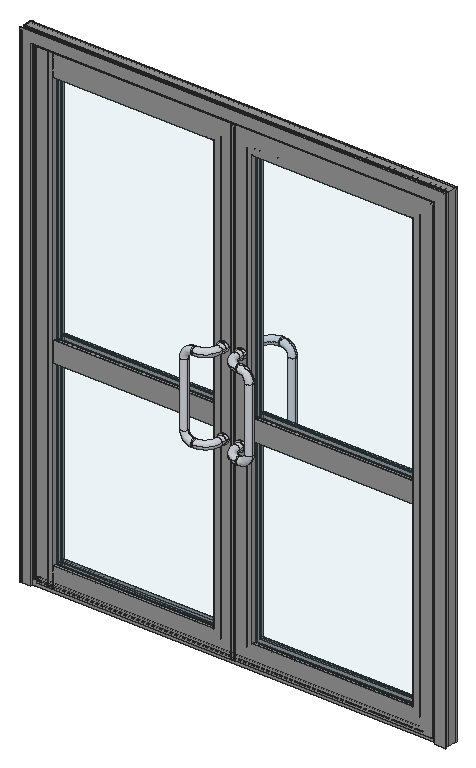
Revit family "Дверь внутреннего открывания двустворчатая (створка по периметру)", category Двери, Revit 2019
Family settings
  Основа = Стена
  Номер OmniClass = 23.30.20.17.11
  Заголовок OmniClass = Fixed Windows
  Всегда вертикально = Да
  При загрузке вырезать с полостями = Нет
  Общий = Нет
  Точка расчета площади = Нет
Parameters (values of type "V60 Дверь двустворчатая")
  Width [instance] = 0.00 mm  # constant formula
  Монтажный зазор.Верх [instance] = 25.00 mm
  VIDNAL_Ширина створки прав. [instance] = 858.50 mm
  VIDNAL_Ширина створки лев. [instance] = ADSK_Ширина рамы - VIDNAL_Ширина створки прав. - 83.00 mm  # 858.50 mm
  VIDNAL_Ширина проема [instance] = ADSK_Ширина рамы + Монтажный зазор.Правый + Монтажный зазор.Левый  # 1850.00 mm
  VIDNAL_Цвет конструкции = ""
  VIDNAL_Фурнитура [instance] = "САТУРН"
  VIDNAL_Формула стеклопакета [instance] = ""
  VIDNAL_Толщина стеклопакета [instance] = "32"
  VIDNAL_Сопротивление ветровой нагрузке = "1000 Па"
  VIDNAL_Система профилей [instance] = "V60"  # constant formula
  VIDNAL_Площадь изделия [instance] = ADSK_Ширина рамы * ADSK_Высота рамы  # 3.78 m²
  VIDNAL_Звукоизоляция [instance] = "34 дБА"
  VIDNAL_Глубина вставки [instance] = 150.00 mm
  VIDNAL_Высота ручки = 1000.00 mm
  VIDNAL_Высота проема [instance] = ADSK_Высота рамы + Монтажный зазор.Верх  # 2125.00 mm
  Глубина профиля [instance] = 60.00 mm  # constant formula
  Rough Width = 0.00 mm  # constant formula
  Rough Height = 0.00 mm  # constant formula
  Описание = "Окно"
  Обозначение = "ГОСТ 23747-2015"
  Наименование = ""
  Монтажный зазор.Правый [instance] = 25.00 mm
  Монтажный зазор.Левый [instance] = 25.00 mm
  Марка проема [instance] = ""
  Model = ""
  Стекло = АС_Стекло
  Рама = Алюминий
  Type Comments = ""
  Assembly Code = ""
  Wall Closure = (empty or 0)
  Height [instance] = 0.00 mm  # constant formula
  Аналитическая конструкция = "<Нет>"
  VIDNAL_Возухопроницаемость [instance] = "3,09 м²·ч"
  VIDNAL_Водонепроницаемость [instance] = "600"
  VIDNAL_Rприв. профиля со стеклопакетом [instance] = "0.52 (м²·С)/Вт"
  ADSK_Ширина рамы [instance] = 1800.00 mm
  ADSK_Позиция [instance] = ""
  ADSK_Завод-изготовитель [instance] = "VIDNAL"  # constant formula
  ADSK_Высота рамы [instance] = 2100.00 mm
Reference planes
  plane 1 "Глубина профиля": y = -100
  plane 2: z = 0
  plane 3 "Слева": x = -922.6
  plane 4 "Справа": x = 927.4
  plane 5 "низ створки": z = 20
  plane 6 "ВЕРХ": z = 2125
  plane 7 "Внутренняя": y = -190
  plane 8 "Вставка двери": y = -40
  plane 9 "рама лев": x = -897.6
  plane 10 "рама прав": x = 902.4
  plane 11 "рама верх": z = 2100
  plane 12: y = 190
  plane 13 "верх створки": z = 2050
  plane 14 "низ порога": z = 4.5
  plane 15 "створка лев": x = -847.6
  plane 16 "створка прав": x = 852.4
  plane 17 "створка прав2": x = -6.1
  plane 18 "створка лев2": x = 10.9
Forms (mm)
  Extrusion 1, void, detail levels medium+fine
    sketch origin (0, 38, 0) x (0, 0, 1) y (-1, 0, 0)
      loop
        line (2125, -927.4) -> (2125, 922.6) -> (0, 922.6) -> (0, -927.4) -> (2125, -927.4)
    from -152 to 228
  Sweep 2, solid, material "Алюминий" <- "Рама"
    path origin (0, -40, 0) x (0, 0, -1) y (-1, 0, 0)
      loop
        line (0, 897.6) -> (-2100, 897.6) -> (-2100, -902.4) -> (0, -902.4)
    profile "Профиль дверной рамы внутр : Профиль дверной рамы внутр" origin (-897.6, -40, 1050) x (1, 0, 0) y (0, 1, 0)
      loop
        line (2, -29.75) -> (2, -38.25) -> (6.75, -38.25) -> (6.75, -50) -> (8.75, -50) -> (8.75, -51.75) -> (6.75, -51.75) -> (6.75, -58.25) -> (43.25, -58.25) -> (43.25, -51.75) -> (41.25, -51.75) -> (41.25, -50) -> (49.75, -50) -> (49.75, -29.75) -> (2, -29.75)
      loop
        line (1.874, -10) -> (1.874, -28) -> (50.126, -28) -> (50.126, -10) -> (1.874, -10)
      loop
        line (6.75, -8.25) -> (43.25, -8.25) -> (43.25, -6.55) -> (45, -6.55) -> (45, -8.25) -> (50.25, -8.25) -> (50.25, -1.75) -> (45, -1.75) -> (45, -3.45) -> (43.25, -3.45) -> (43.25, -1.75) -> (6.75, -1.75) -> (6.75, -8.25)
      loop
        line (67, 0) -> (0, 0) -> (0, -2.5) -> (1.5, -2.5) -> (1.5, -1.5) -> (5, -1.5) -> (5, -8.5) -> (1.5, -8.5) -> (1.5, -7.5) -> (0, -7.5) -> (0, -41.495) -> (2, -41.495) -> (2, -40) -> (5, -40) -> (5, -58.25) -> (2, -58.25) -> (2, -56.495) -> (0, -56.495) -> (0, -60) -> (45, -60) -> (45, -51.75) -> (55, -51.75) -> (55, -50) -> (52, -50) -> (52, -1.75) -> (60, -1.75) -> (60, -4.2) -> (62, -4.2) -> (62, -3.2) -> (61, -3.2) -> (61, -1.2) -> (66, -1.2) -> (66, -3.2) -> (65, -3.2) -> (65, -4.2) -> (67, -4.2) -> (67, 0)
  Sweep 3, solid, material "Алюминий"
    path origin (0, -40, 0) x (0, 0, -1) y (-1, 0, 0)
      loop
        line (-4.5, 845.6) -> (-4.5, -850.4)
    profile "Профиль порога : Профиль порога" origin (2.4, -40, 4.5) x (0, 0, -1) y (0, 1, 0)
      loop
        line (-19.126, -22.61) -> (-16.126, -24.79) -> (-16.126, -26.25) -> (-14.177, -26.25) -> (-13.323, -26.73) -> (-12.385, -28.27) -> (-11.531, -28.75) -> (-9.469, -28.75) -> (-8.615, -28.27) -> (-7.677, -26.73) -> (-6.823, -26.25) -> (-4.874, -26.25) -> (-4.874, -24.79) -> (-1.874, -22.61) -> (-1.874, -16.89) -> (-4.874, -14.71) -> (-4.874, -13.25) -> (-6.823, -13.25) -> (-7.677, -12.77) -> (-8.615, -11.23) -> (-9.469, -10.75) -> (-11.531, -10.75) -> (-12.385, -11.23) -> (-13.323, -12.77) -> (-14.177, -13.25) -> (-16.126, -13.25) -> (-16.126, -14.71) -> (-19.126, -16.89) -> (-19.126, -22.61)
      loop
        line (-19.25, -42.057) -> (-19.25, -52.75) -> (-1.75, -52.75) -> (-1.75, -42.057)
        arc (-1.75, -42.057) -> (-4.892, -42.649) -> (-7.464, -40.75) r 4
        line (-7.464, -40.75) -> (-5.862, -39.825)
        arc (-5.862, -39.825) -> (-1.85, -38.75) -> (-5.862, -37.675) r 2.15
        line (-5.862, -37.675) -> (-7.464, -36.75) -> (-7.464, -35.25) -> (-5.862, -34.325)
        arc (-5.862, -34.325) -> (-1.85, -33.25) -> (-5.862, -32.175) r 2.15
        line (-5.862, -32.175) -> (-7.537, -30.5) -> (-13.463, -30.5) -> (-15.138, -32.175)
        arc (-15.138, -32.175) -> (-19.15, -33.25) -> (-15.138, -34.325) r 2.15
        line (-15.138, -34.325) -> (-13.536, -35.25) -> (-13.536, -36.75) -> (-15.138, -37.675)
        arc (-15.138, -37.675) -> (-19.15, -38.75) -> (-15.138, -39.825) r 2.15
        line (-15.138, -39.825) -> (-13.536, -40.75)
        arc (-13.536, -40.75) -> (-16.108, -42.649) -> (-19.25, -42.057) r 4
      loop
        line (-21, -54.5) -> (0, -54.5) -> (0, -9) -> (-21, -9) -> (-21, -54.5)
Lines and regions (mm)
  symbolic lines, detail levels fine
    curve 1: line (-163.1, -40, 20) -> (-163.1, -100, 20)
    curve 3: line (-163.1, -100, 60) -> (-163.1, -40, 60)
    curve 5: line (-163.1, -40, 2125) -> (-163.1, -100, 2125)
    curve 7: line (-163.1, -100, 2100) -> (-163.1, -40, 2100)
  symbolic lines
    curve 2: line (-163.1, -40, 60) -> (-163.1, -40, 20)
    curve 4: line (-163.1, -100, 20) -> (-163.1, -100, 60)
    curve 6: line (-163.1, -40, 2100) -> (-163.1, -40, 2125)
    curve 8: line (-163.1, -100, 2125) -> (-163.1, -100, 2100)
  symbolic lines, detail levels coarse
    curve 9: line (927.4, -40, 2125) -> (927.4, -40, 20)
    curve 10: line (927.4, -100, 2125) -> (927.4, -100, 20)
Text (mm)
  text "Наружный" at (-2011.448, 646.123, 0), in view "Линия этажа"
  text "Внутренний" at (-2011.448, -562.523, 0), in view "Линия этажа"
  text "Наружный" at (0, 1108.87, 3415.022), in view "Слева"
  text "Наружный" at (0, 464.664, 3176.206), in view "Справа"
Dimensions and locks
  plane 3 "Слева" to plane 4 "Справа" = 1850.00 mm
  "Монтажный зазор.Правый": plane 10 "рама прав" to plane 4 "Справа"
  plane 5 "низ створки" to plane 5 "низ створки" = 0.00 mm
  "ADSK_Ширина рамы": plane 9 "рама лев" to plane 10 "рама прав"
  "Монтажный зазор.Левый": plane 3 "Слева" to plane 9 "рама лев"
  "Монтажный зазор.Верх": plane 11 "рама верх" to plane 6 "ВЕРХ"
  "VIDNAL_Глубина вставки": plane 8 "Вставка двери" to plane 7 "Внутренняя"
  "Глубина профиля": plane 8 "Вставка двери" to plane 1 "Глубина профиля"
  plane 9 "рама лев" to plane 15 "створка лев" = 50.00 mm
  plane 16 "створка прав" to plane 10 "рама прав" = 50.00 mm
  plane 11 "рама верх" to plane 13 "верх створки" = 50.00 mm
  plane 14 "низ порога" to plane 2 = 4.50 mm
  locked: plane 8 "Вставка двери" to Sweep 3 at 9
  plane 5 "низ створки" to plane 2 = 20.00 mm
  "ADSK_Высота рамы": plane 11 "рама верх" to plane 2
  "VIDNAL_Ширина створки прав.": plane 17 "створка прав2" to plane 16 "створка прав"
  locked: plane 17 "створка прав2" to plane 18 "створка лев2" at 17
  aligned and locked: plane 7 "Внутренняя" to host wall
  aligned and locked: plane 8 "Вставка двери" to curve 6
  aligned and locked: level to plane 2
  aligned and locked: host wall to Extrusion 1  (x2)
  aligned and locked: plane 4 "Справа" to Extrusion 1 sketch curve
  aligned and locked: plane 15 "створка лев" to nested 2
  aligned and locked: plane 16 "створка прав" to nested 1
  aligned and locked: plane 17 "створка прав2" to nested 1
  aligned and locked: nested 2 to plane 18 "створка лев2"
  aligned and locked: nested 2 to plane 13 "верх створки"
  aligned and locked: nested 1 to plane 13 "верх створки"
  aligned and locked: nested 2 to plane 5 "низ створки"
  aligned and locked: nested 1 to plane 5 "низ створки"
  aligned and locked: nested 2 to plane 8 "Вставка двери"
  aligned and locked: nested 1 to plane 8 "Вставка двери"
Automatic sketch dimensions
  Extrusion 1 sketch curve to level = 0.00 mm
  plane 3 "Слева" to Extrusion 1 sketch curve = 0.00 mm
  Extrusion 1 sketch curve to plane 6 "ВЕРХ" = 0.00 mm
  curve 6 to plane 8 "Вставка двери" = 0.00 mm
  plane 5 "низ створки" to curve 9 = 0.00 mm
  curve 9 to plane 8 "Вставка двери" = 0.00 mm
  curve 10 to plane 1 "Глубина профиля" = 0.00 mm
  plane 5 "низ створки" to curve 10 = 0.00 mm
  plane 6 "ВЕРХ" to curve 10 = 0.00 mm
  plane 6 "ВЕРХ" to curve 9 = 0.00 mm
  curve 3 to plane 5 "низ створки" = 40.00 mm
  plane 5 "низ створки" to curve 1 = 0.00 mm
  curve 1 to plane 1 "Глубина профиля" = 0.00 mm
  curve 8 to plane 1 "Глубина профиля" = 0.00 mm
  curve 2 to plane 8 "Вставка двери" = 0.00 mm
  curve 8 to plane 11 "рама верх" = 0.00 mm
  plane 6 "ВЕРХ" to curve 5 = 0.00 mm
  Sweep 2 sketch curve to plane 9 "рама лев" = 0.00 mm
  plane 10 "рама прав" to Sweep 2 sketch curve = 0.00 mm
  Sweep 2 sketch curve to plane 11 "рама верх" = 0.00 mm
  Sweep 2 sketch curve to level = 0.00 mm  (x2)
  Sweep 3 sketch curve to plane 14 "низ порога" = 0.00 mm
  plane 16 "створка прав" to Sweep 3 sketch curve = 2.00 mm
  plane 15 "створка лев" to Sweep 3 sketch curve = 2.00 mm
Nested families
  nested 1: "Створка дверная внутр" at (-6.1, -40, 20), type "Поворотная право"
    with Створка.Ширина 858.50 mm, Створка.Высота 2030.00 mm, Высота импоста 900.00 mm, VIDNAL_Высота ручки 1000.00 mm
  nested 2: "Створка дверная внутр ведомая" at (-847.6, -40, 20), type "Поворотная лево"
    with Створка.Ширина 858.50 mm, Створка.Высота 2030.00 mm, Высота импоста 900.00 mm, VIDNAL_Высота ручки 1000.00 mm
Definition of nested family "Створка дверная внутр"
  Parameters (values of type "Поворотная лево")
    отк лев = yes
    от пр = no
    Стекло = none
    Створка.Ширина [instance] = 800.00 mm
    Створка.Высота [instance] = 1800.00 mm
    Створка VIDNAL = none
    Ручка.Справа = yes
    Ручка.Слева = no
    Открытие = yes
    Габариты заполнения = 73.00 mm
    Высота импоста [instance] = 900.00 mm
    Analytic Construction = "<Нет>"
    VIDNAL_Высота ручки [instance] = 1000.00 mm
  Types (2, lengths in mm): name | отк лев | от пр | Створка.Ширина | Створка.Высота | Ручка.Справа | Ручка.Слева | Габариты заполнения | Высота импоста | VIDNAL_Высота ручки
    Поворотная право | no | yes | 600.00 | 900.00 | no | yes | 54.00 | 450.00 | 900.00
    Поворотная лево | yes | no | 800.00 | 1800.00 | yes | no | 73.00 | 900.00 | 1000.00
  Reference planes
    plane 1 "Center (Front/Back)": y = 0
    plane 2 "Bottom": z = 0
    plane 3 "Left": x = 0
    plane 4 "Right": x = 800
    plane 5 "Top": z = 1800
    plane 6: z = 900
    plane 7: x = 73
    plane 8: x = 727
    plane 9: y = -8
    plane 10: y = -40
    plane 11: z = 1727
    plane 12: z = 73
    plane 13 "ручка прав": x = 754
    plane 14 "ручка лев": x = 46
    plane 15: z = 1000
    plane 16: x = 89
    plane 17: x = 711
  Forms (mm)
    Extrusion 1, solid, material <- "Стекло"
      sketch origin (0, 0, -100) x (1, 0, 0) y (0, 0, 1)
        loop
          line (73, 173) -> (727, 173) -> (727, 1827) -> (73, 1827) -> (73, 173)
      from 40 to 8
    Sweep 2, solid
      path origin (0, 0, 0) x (1, 0, 0) y (0, 0, 1)
        loop
          line (0, 1800) -> (0, 0) -> (800, 0) -> (800, 1800) -> (0, 1800)
      profile "Профиль дверной створки внутр : Профиль дверной створки внутр" origin (400, 0, 1800) x (0, 0, 1) y (0, -1, 0)
        loop
          line (-87.61, 48.594) -> (-82.008, 48.594) -> (-72.003, 42.791) -> (-62, 42.791) -> (-62, 54.797) -> (-68.701, 54.797) -> (-68.701, 58.599) -> (-87.61, 58.599) -> (-87.61, 48.594)
        loop
          line (-65, 29.75) -> (-17.25, 29.75) -> (-17.25, 50) -> (-18.75, 50) -> (-18.75, 51.75) -> (-16.75, 51.75) -> (-16.75, 58.25) -> (-60.25, 58.25) -> (-60.25, 51.75) -> (-58.25, 51.75) -> (-58.25, 50) -> (-60.25, 50) -> (-60.25, 38.25) -> (-65, 38.25) -> (-65, 29.75)
        loop
          line (-16.874, 10) -> (-16.874, 28) -> (-65.126, 28) -> (-65.126, 10) -> (-16.874, 10)
        loop
          line (-60.25, 1.75) -> (-23.75, 1.75) -> (-23.75, 8.25) -> (-60.25, 8.25) -> (-60.25, 1.75)
        loop
          line (-22, 0) -> (-22, 8.25) -> (-12, 8.25) -> (-12, 10) -> (-15, 10) -> (-15, 58.25) -> (-7, 58.25) -> (-7, 55.8) -> (-5, 55.8) -> (-5, 56.8) -> (-6, 56.8) -> (-6, 58.8) -> (-1, 58.8) -> (-1, 56.8) -> (-2, 56.8) -> (-2, 55.8) -> (0, 55.8) -> (0, 60) -> (-89.011, 60) -> (-89.011, 44.192) -> (-87.01, 44.192) -> (-87.01, 45.192) -> (-88.011, 45.192) -> (-88.011, 47.193) -> (-83.008, 47.193) -> (-83.008, 45.192) -> (-84.009, 45.192) -> (-84.009, 44.192) -> (-82.008, 44.192) -> (-82.008, 47.206) -> (-72.326, 41.591) -> (-67, 41.591) -> (-67, 8.25) -> (-62, 8.25) -> (-62, 1.5) -> (-82, 1.5) -> (-82, 3.2) -> (-80.5, 3.2) -> (-80.5, 4.2) -> (-84, 4.2) -> (-84, 3.2) -> (-83, 3.2) -> (-83, 1.2) -> (-88, 1.2) -> (-88, 3.2) -> (-87, 3.2) -> (-87, 4.2) -> (-89, 4.2) -> (-89, 0) -> (-22, 0)
    Sweep 3, solid
      path origin (0, 0, 0) x (1, 0, 0) y (0, 0, 1)
        loop
          line (90, 900) -> (710, 900)
      profile "Профиль дверного импоста : Профиль дверного импоста" origin (400, 0, 900) x (0, 0, 1) y (0, -1, 0)
        loop
          line (15.25, 8) -> (-15.25, 8) -> (-15.25, 1.5) -> (15.25, 1.5) -> (15.25, 8)
        loop
          line (20.076, 28) -> (-20.076, 28) -> (-20.076, 10) -> (20.076, 10) -> (20.076, 28)
        loop
          line (15.4, 38.4) -> (15.4, 58.1) -> (-15.4, 58.1) -> (-15.4, 38.4) -> (-20.5, 38.4) -> (-20.5, 29.7) -> (20.5, 29.7) -> (20.5, 38.4) -> (15.4, 38.4)
        loop
          line (-23.69, 58.599) -> (-42.599, 58.599) -> (-42.599, 48.594) -> (-36.996, 48.594) -> (-26.991, 42.791) -> (-16.989, 42.791) -> (-16.989, 54.797) -> (-23.69, 54.797) -> (-23.69, 58.599)
        loop
          line (42.599, 58.599) -> (23.69, 58.599) -> (23.69, 54.797) -> (16.989, 54.797) -> (16.989, 42.791) -> (26.991, 42.791) -> (36.996, 48.594) -> (42.599, 48.594) -> (42.599, 58.599)
        loop
          line (44, 0) -> (44, 4.2) -> (42, 4.2) -> (42, 3.2) -> (43, 3.2) -> (43, 1.2) -> (38, 1.2) -> (38, 3.2) -> (39, 3.2) -> (39, 4.2) -> (35.5, 4.2) -> (35.5, 3.2) -> (37, 3.2) -> (37, 1.5) -> (17, 1.5) -> (17, 8.3) -> (22, 8.3) -> (22, 41.591) -> (27.314, 41.591) -> (36.996, 47.206) -> (36.996, 44.192) -> (38.997, 44.192) -> (38.997, 45.192) -> (37.997, 45.192) -> (37.997, 47.193) -> (42.999, 47.193) -> (42.999, 45.192) -> (41.999, 45.192) -> (41.999, 44.192) -> (44, 44.192) -> (44, 60) -> (-44, 60) -> (-44, 44.192) -> (-41.999, 44.192) -> (-41.999, 45.192) -> (-42.999, 45.192) -> (-42.999, 47.193) -> (-37.997, 47.193) -> (-37.997, 45.192) -> (-38.997, 45.192) -> (-38.997, 44.192) -> (-36.996, 44.192) -> (-36.996, 47.206) -> (-27.314, 41.591) -> (-22, 41.591) -> (-22, 8.3) -> (-17, 8.3) -> (-17, 1.5) -> (-37, 1.5) -> (-37, 3.2) -> (-35.5, 3.2) -> (-35.5, 4.2) -> (-39, 4.2) -> (-39, 3.2) -> (-38, 3.2) -> (-38, 1.2) -> (-43, 1.2) -> (-43, 3.2) -> (-42, 3.2) -> (-42, 4.2) -> (-44, 4.2) -> (-44, 0) -> (44, 0)
  Lines and regions (mm)
    symbolic lines, not visible
      curve 1: line (400, 0, 950) -> (400, 0, 850)
      curve 2: line (350, 0, 900) -> (450, 0, 900)
    symbolic lines, visible <- "от пр"
      curve 3: line (710, -75, 1710) -> (90, -75, 900)
      curve 4: line (90, -75, 900) -> (710, -75, 90)
    symbolic lines, visible <- "отк лев"
      curve 5: line (90, -75, 90) -> (710, -75, 900)
      curve 6: line (710, -75, 900) -> (90, -75, 1710)
  Dimensions and locks
    "Створка.Ширина": plane 4 "Right" to plane 3 "Left"
    "Створка.Высота": plane 5 "Top" to plane 2 "Bottom"
    equal spacing: plane 3 "Left", curve 1, plane 4 "Right"
    equal spacing: plane 5 "Top", curve 2, plane 2 "Bottom"
    plane 4 "Right" to plane 3 "Left" = 800.00 mm
    locked: plane 9 to plane 1 "Center (Front/Back)" at 8
    "Габариты заполнения": plane 3 "Left" to plane 7
    "Габариты заполнения": plane 8 to plane 4 "Right"
    "Габариты заполнения": plane 12 to plane 2 "Bottom"
    "Габариты заполнения": plane 5 "Top" to plane 11
    plane 14 "ручка лев" to plane 3 "Left" = 46.00 mm
    plane 13 "ручка прав" to plane 4 "Right" = 46.00 mm
    "Высота импоста": plane 6 to plane 2 "Bottom"
    locked: plane 3 "Left" to plane 14 "ручка лев" at 46
    "VIDNAL_Высота ручки": plane 15 to plane 2 "Bottom"
    plane 3 "Left" to plane 16 = 89.00 mm
    plane 17 to plane 4 "Right" = 89.00 mm
    locked: plane 13 "ручка прав" to plane 4 "Right" at 46
    aligned and locked: level to plane 2 "Bottom"
    aligned and locked: plane 6 to curve 4
    aligned and locked: plane 6 to curve 6
    aligned and locked: Extrusion 1 to plane 7
    aligned and locked: Extrusion 1 to plane 9
    aligned and locked: Extrusion 1 to plane 10
    aligned and locked: plane 8 to Extrusion 1
    aligned and locked: Extrusion 1 to plane 12
    aligned and locked: plane 11 to Extrusion 1
    aligned and locked: nested 1 to plane 14 "ручка лев"
    aligned and locked: nested 1 to plane 15
    aligned and locked: plane 15 to nested 2
    aligned and locked: plane 13 "ручка прав" to nested 2
    aligned and locked: plane 14 "ручка лев" to nested 3
    aligned and locked: nested 4 to plane 13 "ручка прав"
    aligned and locked: plane 15 to nested 3
    aligned and locked: nested 4 to plane 15
  Automatic sketch dimensions
    plane 7 to Extrusion 1 sketch curve = 0.00 mm
    Extrusion 1 sketch curve to plane 8 = 0.00 mm
    Extrusion 1 sketch curve to plane 12 = 0.00 mm
    Extrusion 1 sketch curve to plane 11 = 0.00 mm
    plane 7 to curve 6 = 17.00 mm
    plane 7 to curve 5 = 17.00 mm
    plane 7 to curve 4 = 17.00 mm
    curve 5 to plane 8 = 17.00 mm
    curve 3 to plane 8 = 17.00 mm
    plane 12 to curve 5 = 17.00 mm
    plane 12 to curve 4 = 17.00 mm
    curve 3 to plane 11 = 17.00 mm
    curve 4 to plane 8 = 17.00 mm
    curve 6 to plane 11 = 17.00 mm
    Sweep 2 sketch curve to level = 0.00 mm
    Sweep 2 sketch curve to plane 3 "Left" = 0.00 mm
    plane 4 "Right" to Sweep 2 sketch curve = 0.00 mm
    Sweep 2 sketch curve to plane 5 "Top" = 0.00 mm
    curve 1 to plane 6 = 50.00 mm
    plane 6 to curve 1 = 50.00 mm
    curve 2 to plane 6 = 0.00 mm
    curve 2 to curve 1 = 50.00 mm
    curve 1 to curve 2 = 50.00 mm
    Sweep 3 sketch curve to plane 6 = 0.00 mm
    plane 16 to Sweep 3 sketch curve = 1.00 mm
    Sweep 3 sketch curve to plane 17 = 1.00 mm
  Nested families
    nested 1: "Ручка дверная прямоугольная" at (46, -70, 889.834), visible <- "Ручка.Слева", type "Ручка дверная прямоугольная"
      with Ручка высота установки 110.166 mm
    nested 2: "Ручка дверная прямоугольная" at (754, -70, 889.834) x (-1, 0, 0) z (0, 0, 1), visible <- "Ручка.Справа", type "Ручка дверная прямоугольная"
      with Ручка высота установки 110.166 mm
    nested 3: "Ручка дверная прямоугольная" at (46, 10, 889.834), visible <- "Ручка.Слева", type "Ручка дверная прямоугольная"
      with Ручка высота установки 110.166 mm
    nested 4: "Ручка дверная прямоугольная" at (754, 10, 889.834) x (-1, 0, 0) z (0, 0, 1), visible <- "Ручка.Справа", type "Ручка дверная прямоугольная"
      with Ручка высота установки 110.166 mm
  Definition of nested family "Ручка дверная прямоугольная"
    Parameters (values of type "Ручка дверная прямоугольная")
      Ручка высота установки [instance] = 110.166 mm
    Reference planes
      plane 1 "По центру (Вперед/Назад)": y = 0
      plane 2: z = 0
      plane 3 "По центру (Влево/Вправо)": x = 0
      plane 4: y = -10
      plane 5 "1": x = 55
      plane 6 "2": y = 74
      plane 7 "Высота ручки": z = 110.166
    Forms (mm)
      Extrusion 1, solid
        sketch origin (0, 0, 0) x (1, 0, 0) y (0, 0, 1)
          loop
            circle (0, 285.166) r 20
        from 0 to 10
      Extrusion 2, solid
        sketch origin (0, 0, 0) x (1, 0, 0) y (0, 0, 1)
          loop
            circle (0, -64.834) r 20
        from 0 to 10
      Sweep 3, solid
        path origin (0, 0, 0) x (1, 0, 0) y (0, 1, 0)
          loop
            line (0, 0) -> (0, 20)
            arc (0, 20) -> (15.816, 58.184) -> (54, 74) r 54
            line (54, 74) -> (55, 74)
        profile origin (0, 10, 0) x (-1, 0, 0) y (0, 0, 1)
          loop
            circle (0, 285.166) r 15
          loop
            circle (0, -64.834) r 15
      Sweep 4, solid
        path origin (0, 74, 0) x (-1, 0, 0) y (0, 0, 1)
          loop
            line (-55, 285.166) -> (-60, 285.166)
            arc (-60, 285.166) -> (-88.284, 273.45) -> (-100, 245.166) r 40
            line (-100, 245.166) -> (-100, -24.834)
            arc (-100, -24.834) -> (-88.284, -53.118) -> (-60, -64.834) r 40
            line (-60, -64.834) -> (-55, -64.834)
        profile origin (57.5, 74, 285.166) x (0, 0, -1) y (0, 1, 0)
          loop
            circle (0, 0) r 15
    Dimensions and locks
      plane 1 "По центру (Вперед/Назад)" to plane 4 = 10.00 mm
      locked: plane 4 to plane 6 "2" at 84
      locked: plane 3 "По центру (Влево/Вправо)" to plane 5 "1" at 55
      locked: Extrusion 1 sketch curve to plane 7 "Высота ручки" at 175
      locked: plane 7 "Высота ручки" to Extrusion 2 sketch curve at 175
      locked: Sweep 3 sketch curve to plane 7 "Высота ручки" at 175
      locked: plane 7 "Высота ручки" to Sweep 3 sketch curve at 175
      "Ручка высота установки": plane 7 "Высота ручки" to level
      locked: Sweep 4 sketch curve to Sweep 4 sketch curve at 350
      locked: Sweep 4 sketch curve to Sweep 4 sketch curve at 45  (x2)
      Sweep 4 sketch curve to plane 7 "Высота ручки" = 175.00 mm
      locked: Sweep 4 sketch curve to plane 3 "По центру (Влево/Вправо)" at 100
      aligned and locked: level to plane 2
      aligned and locked: plane 4 to Extrusion 1
      aligned and locked: plane 4 to Extrusion 2
    Automatic sketch dimensions
      Extrusion 1 sketch curve to plane 3 "По центру (Влево/Вправо)" = 0.00 mm
      Extrusion 2 sketch curve to plane 3 "По центру (Влево/Вправо)" = 0.00 mm
      Sweep 3 sketch curve to plane 3 "По центру (Влево/Вправо)" = 0.00 mm
      Sweep 3 sketch curve to plane 6 "2" = 0.00 mm
      Sweep 3 sketch curve to plane 5 "1" = 0.00 mm
      plane 1 "По центру (Вперед/Назад)" to Sweep 3 sketch curve = 0.00 mm
      Sweep 3 sketch curve to plane 5 "1" = 1.00 mm
      Sweep 3 sketch curve to profile plane = 0.00 mm  (x2)
      Sweep 4 sketch curve to plane 6 "2" = 0.00 mm
      Sweep 4 sketch curve to profile plane = 0.00 mm
      plane 5 "1" to Sweep 4 sketch curve = 5.00 mm  (x2)
      radius of Extrusion 1 sketch curve = 20.00 mm
      radius of Extrusion 2 sketch curve = 20.00 mm
      radius of Sweep 3 sketch curve = 15.00 mm  (x2)
      radius of Sweep 4 sketch curve = 15.00 mm
Definition of nested family "Створка дверная внутр ведомая"
  Parameters (values of type "Поворотная лево")
    отк лев = yes
    от пр = no
    Стекло = none
    Створка.Ширина [instance] = 800.00 mm
    Створка.Высота [instance] = 1800.00 mm
    Створка VIDNAL = none
    Ручка.Справа = yes
    Ручка.Слева = no
    Открытие = yes
    Габариты заполнения = 73.00 mm
    Высота импоста [instance] = 900.00 mm
    Analytic Construction = "<Нет>"
    VIDNAL_Высота ручки [instance] = 1000.00 mm
  Types (2, lengths in mm): name | отк лев | от пр | Створка.Ширина | Створка.Высота | Ручка.Справа | Ручка.Слева | Габариты заполнения | Высота импоста | VIDNAL_Высота ручки
    Поворотная право | no | yes | 600.00 | 900.00 | no | yes | 54.00 | 450.00 | 900.00
    Поворотная лево | yes | no | 800.00 | 1800.00 | yes | no | 73.00 | 900.00 | 1000.00
  Reference planes
    plane 1 "Center (Front/Back)": y = 0
    plane 2 "Bottom": z = 0
    plane 3 "Left": x = 0
    plane 4 "Right": x = 800
    plane 5 "Top": z = 1800
    plane 6: z = 900
    plane 7: x = 73
    plane 8: x = 727
    plane 9: y = -8
    plane 10: y = -40
    plane 11: z = 1727
    plane 12: z = 73
    plane 13 "ручка прав": x = 754
    plane 14 "ручка лев": x = 46
    plane 15: z = 1000
    plane 16: x = 89
    plane 17: x = 711
    plane 18: through (73, -1524, 1710.989) normal (-0.7732, 0, -0.6341)
  Forms (mm)
    Extrusion 1, solid, material <- "Стекло"
      sketch origin (0, 0, -100) x (1, 0, 0) y (0, 0, 1)
        loop
          line (73, 173) -> (727, 173) -> (727, 1827) -> (73, 1827) -> (73, 173)
      from 40 to 8
    Sweep 2, solid
      path origin (0, 0, 0) x (1, 0, 0) y (0, 0, 1)
        loop
          line (89, 1800) -> (800, 1800) -> (800, 0) -> (89, 0)
      profile "Профиль дверной створки внутр : Профиль дверной створки внутр" origin (444.5, 0, 1800) x (0, 0, 1) y (0, -1, 0)
        loop
          line (-87.61, 48.594) -> (-82.008, 48.594) -> (-72.003, 42.791) -> (-62, 42.791) -> (-62, 54.797) -> (-68.701, 54.797) -> (-68.701, 58.599) -> (-87.61, 58.599) -> (-87.61, 48.594)
        loop
          line (-65, 29.75) -> (-17.25, 29.75) -> (-17.25, 50) -> (-18.75, 50) -> (-18.75, 51.75) -> (-16.75, 51.75) -> (-16.75, 58.25) -> (-60.25, 58.25) -> (-60.25, 51.75) -> (-58.25, 51.75) -> (-58.25, 50) -> (-60.25, 50) -> (-60.25, 38.25) -> (-65, 38.25) -> (-65, 29.75)
        loop
          line (-16.874, 10) -> (-16.874, 28) -> (-65.126, 28) -> (-65.126, 10) -> (-16.874, 10)
        loop
          line (-60.25, 1.75) -> (-23.75, 1.75) -> (-23.75, 8.25) -> (-60.25, 8.25) -> (-60.25, 1.75)
        loop
          line (-22, 0) -> (-22, 8.25) -> (-12, 8.25) -> (-12, 10) -> (-15, 10) -> (-15, 58.25) -> (-7, 58.25) -> (-7, 55.8) -> (-5, 55.8) -> (-5, 56.8) -> (-6, 56.8) -> (-6, 58.8) -> (-1, 58.8) -> (-1, 56.8) -> (-2, 56.8) -> (-2, 55.8) -> (0, 55.8) -> (0, 60) -> (-89.011, 60) -> (-89.011, 44.192) -> (-87.01, 44.192) -> (-87.01, 45.192) -> (-88.011, 45.192) -> (-88.011, 47.193) -> (-83.008, 47.193) -> (-83.008, 45.192) -> (-84.009, 45.192) -> (-84.009, 44.192) -> (-82.008, 44.192) -> (-82.008, 47.206) -> (-72.326, 41.591) -> (-67, 41.591) -> (-67, 8.25) -> (-62, 8.25) -> (-62, 1.5) -> (-82, 1.5) -> (-82, 3.2) -> (-80.5, 3.2) -> (-80.5, 4.2) -> (-84, 4.2) -> (-84, 3.2) -> (-83, 3.2) -> (-83, 1.2) -> (-88, 1.2) -> (-88, 3.2) -> (-87, 3.2) -> (-87, 4.2) -> (-89, 4.2) -> (-89, 0) -> (-22, 0)
    Sweep 3, solid
      path origin (0, 0, 0) x (1, 0, 0) y (0, 0, 1)
        loop
          line (90, 900) -> (710, 900)
      profile "Профиль дверного импоста : Профиль дверного импоста" origin (400, 0, 900) x (0, 0, 1) y (0, -1, 0)
        loop
          line (15.25, 8) -> (-15.25, 8) -> (-15.25, 1.5) -> (15.25, 1.5) -> (15.25, 8)
        loop
          line (20.076, 28) -> (-20.076, 28) -> (-20.076, 10) -> (20.076, 10) -> (20.076, 28)
        loop
          line (15.4, 38.4) -> (15.4, 58.1) -> (-15.4, 58.1) -> (-15.4, 38.4) -> (-20.5, 38.4) -> (-20.5, 29.7) -> (20.5, 29.7) -> (20.5, 38.4) -> (15.4, 38.4)
        loop
          line (-23.69, 58.599) -> (-42.599, 58.599) -> (-42.599, 48.594) -> (-36.996, 48.594) -> (-26.991, 42.791) -> (-16.989, 42.791) -> (-16.989, 54.797) -> (-23.69, 54.797) -> (-23.69, 58.599)
        loop
          line (42.599, 58.599) -> (23.69, 58.599) -> (23.69, 54.797) -> (16.989, 54.797) -> (16.989, 42.791) -> (26.991, 42.791) -> (36.996, 48.594) -> (42.599, 48.594) -> (42.599, 58.599)
        loop
          line (44, 0) -> (44, 4.2) -> (42, 4.2) -> (42, 3.2) -> (43, 3.2) -> (43, 1.2) -> (38, 1.2) -> (38, 3.2) -> (39, 3.2) -> (39, 4.2) -> (35.5, 4.2) -> (35.5, 3.2) -> (37, 3.2) -> (37, 1.5) -> (17, 1.5) -> (17, 8.3) -> (22, 8.3) -> (22, 41.591) -> (27.314, 41.591) -> (36.996, 47.206) -> (36.996, 44.192) -> (38.997, 44.192) -> (38.997, 45.192) -> (37.997, 45.192) -> (37.997, 47.193) -> (42.999, 47.193) -> (42.999, 45.192) -> (41.999, 45.192) -> (41.999, 44.192) -> (44, 44.192) -> (44, 60) -> (-44, 60) -> (-44, 44.192) -> (-41.999, 44.192) -> (-41.999, 45.192) -> (-42.999, 45.192) -> (-42.999, 47.193) -> (-37.997, 47.193) -> (-37.997, 45.192) -> (-38.997, 45.192) -> (-38.997, 44.192) -> (-36.996, 44.192) -> (-36.996, 47.206) -> (-27.314, 41.591) -> (-22, 41.591) -> (-22, 8.3) -> (-17, 8.3) -> (-17, 1.5) -> (-37, 1.5) -> (-37, 3.2) -> (-35.5, 3.2) -> (-35.5, 4.2) -> (-39, 4.2) -> (-39, 3.2) -> (-38, 3.2) -> (-38, 1.2) -> (-43, 1.2) -> (-43, 3.2) -> (-42, 3.2) -> (-42, 4.2) -> (-44, 4.2) -> (-44, 0) -> (44, 0)
    Sweep 4, solid
      path origin (0, 0, 0) x (1, 0, 0) y (0, 0, 1)
        loop
          line (0, 0) -> (0, 1800)
      profile "Профиль дверной створки наруж : Профиль дверной створки наруж" origin (0, 0, 900) x (-1, 0, 0) y (0, -1, 0)
        loop
          line (-62, 43.002) -> (-62, 54.797) -> (-68.701, 54.797) -> (-68.701, 58.599) -> (-87.61, 58.599) -> (-87.61, 48.594) -> (-82, 48.594) -> (-71.911, 43.002) -> (-62, 43.002)
        loop
          line (-16.874, 29.7) -> (-16.874, 50.15) -> (-25.15, 50.15) -> (-25.15, 51.75) -> (-23.5, 51.75) -> (-23.5, 58.5) -> (-60.5, 58.5) -> (-60.5, 51.75) -> (-58.85, 51.75) -> (-58.85, 50.15) -> (-60.25, 50.15) -> (-60.25, 38.4) -> (-65.5, 38.4) -> (-65.5, 29.7) -> (-16.874, 29.7)
        loop
          line (-16.874, 10) -> (-16.874, 28) -> (-65.126, 28) -> (-65.126, 10) -> (-16.874, 10)
        loop
          line (-23.75, 1.5) -> (-23.75, 8.3) -> (-60.25, 8.3) -> (-60.25, 1.5) -> (-23.75, 1.5)
        loop
          line (-2, 4.2) -> (-2, 3.2) -> (-1, 3.2) -> (-1, 1.2) -> (-6, 1.2) -> (-6, 3.2) -> (-5, 3.2) -> (-5, 4.2) -> (-7, 4.2) -> (-7, 1.5) -> (-22, 1.5) -> (-22, 8.3) -> (-15, 8.3) -> (-15, 50) -> (-12, 50) -> (-12, 51.75) -> (-22, 51.75) -> (-22, 60) -> (-89, 60) -> (-89, 44.192) -> (-87, 44.192) -> (-87, 45.192) -> (-88, 45.192) -> (-88, 47.193) -> (-83, 47.193) -> (-83, 45.192) -> (-84, 45.192) -> (-84, 44.192) -> (-82, 44.192) -> (-82, 47.202) -> (-72.326, 41.591) -> (-67, 41.591) -> (-67, 8.3) -> (-62, 8.3) -> (-62, 1.5) -> (-82, 1.5) -> (-82, 3.2) -> (-80.5, 3.2) -> (-80.5, 4.2) -> (-84, 4.2) -> (-84, 3.2) -> (-83, 3.2) -> (-83, 1.2) -> (-88, 1.2) -> (-88, 3.2) -> (-87, 3.2) -> (-87, 4.2) -> (-89, 4.2) -> (-89, 0) -> (0, 0) -> (0, 4.2) -> (-2, 4.2)
  Cuts and joins
    joined: Sweep 2, Sweep 4
  Lines and regions (mm)
    symbolic lines, not visible
      curve 1: line (400, 0, 950) -> (400, 0, 850)
      curve 2: line (350, 0, 900) -> (450, 0, 900)
    symbolic lines, visible <- "от пр"
      curve 3: line (710, -75, 1710) -> (90, -75, 900)
      curve 4: line (90, -75, 900) -> (710, -75, 90)
    symbolic lines, visible <- "отк лев"
      curve 5: line (90, -75, 90) -> (710, -75, 900)
      curve 6: line (710, -75, 900) -> (90, -75, 1710)
  Dimensions and locks
    "Створка.Ширина": plane 4 "Right" to plane 3 "Left"
    "Створка.Высота": plane 5 "Top" to plane 2 "Bottom"
    equal spacing: plane 3 "Left", curve 1, plane 4 "Right"
    equal spacing: plane 5 "Top", curve 2, plane 2 "Bottom"
    plane 4 "Right" to plane 3 "Left" = 800.00 mm
    locked: plane 9 to plane 1 "Center (Front/Back)" at 8
    "Габариты заполнения": plane 3 "Left" to plane 7
    "Габариты заполнения": plane 8 to plane 4 "Right"
    "Габариты заполнения": plane 12 to plane 2 "Bottom"
    "Габариты заполнения": plane 5 "Top" to plane 11
    plane 14 "ручка лев" to plane 3 "Left" = 46.00 mm
    plane 13 "ручка прав" to plane 4 "Right" = 46.00 mm
    "Высота импоста": plane 6 to plane 2 "Bottom"
    locked: plane 3 "Left" to plane 14 "ручка лев" at 46
    "VIDNAL_Высота ручки": plane 15 to plane 2 "Bottom"
    plane 3 "Left" to plane 16 = 89.00 mm
    plane 17 to plane 4 "Right" = 89.00 mm
    locked: plane 13 "ручка прав" to plane 4 "Right" at 46
    aligned and locked: level to plane 2 "Bottom"
    aligned and locked: plane 6 to curve 4
    aligned and locked: plane 6 to curve 6
    aligned and locked: Extrusion 1 to plane 7
    aligned and locked: Extrusion 1 to plane 9
    aligned and locked: Extrusion 1 to plane 10
    aligned and locked: plane 8 to Extrusion 1
    aligned and locked: Extrusion 1 to plane 12
    aligned and locked: plane 11 to Extrusion 1
    aligned and locked: nested 1 to plane 14 "ручка лев"
    aligned and locked: nested 1 to plane 15
    aligned and locked: plane 15 to nested 2
    aligned and locked: plane 13 "ручка прав" to nested 2
    aligned and locked: plane 14 "ручка лев" to nested 3
    aligned and locked: nested 4 to plane 13 "ручка прав"
    aligned and locked: plane 15 to nested 3
    aligned and locked: nested 4 to plane 15
  Automatic sketch dimensions
    plane 7 to Extrusion 1 sketch curve = 0.00 mm
    Extrusion 1 sketch curve to plane 8 = 0.00 mm
    Extrusion 1 sketch curve to plane 12 = 0.00 mm
    Extrusion 1 sketch curve to plane 11 = 0.00 mm
    plane 7 to curve 6 = 17.00 mm
    plane 7 to curve 5 = 17.00 mm
    plane 7 to curve 4 = 17.00 mm
    curve 5 to plane 8 = 17.00 mm
    curve 3 to plane 8 = 17.00 mm
    plane 12 to curve 5 = 17.00 mm
    plane 12 to curve 4 = 17.00 mm
    curve 3 to plane 11 = 17.00 mm
    curve 4 to plane 8 = 17.00 mm
    curve 6 to plane 11 = 17.00 mm
    Sweep 3 sketch curve to plane 6 = 0.00 mm
    plane 16 to Sweep 3 sketch curve = 1.00 mm
    Sweep 3 sketch curve to plane 17 = 1.00 mm
    curve 2 to plane 6 = 0.00 mm
    curve 2 to curve 1 = 50.00 mm
    curve 1 to curve 2 = 50.00 mm
    curve 1 to plane 6 = 50.00 mm
    plane 6 to curve 1 = 50.00 mm
    Sweep 2 sketch curve to level = 0.00 mm
    Sweep 2 sketch curve to plane 16 = 0.00 mm  (x2)
    Sweep 2 sketch curve to plane 5 "Top" = 0.00 mm
    plane 4 "Right" to Sweep 2 sketch curve = 0.00 mm
    Sweep 4 sketch curve to plane 3 "Left" = 0.00 mm
    Sweep 4 sketch curve to level = 0.00 mm
    Sweep 4 sketch curve to plane 5 "Top" = 0.00 mm
  Nested families
    nested 1: "Ручка дверная прямоугольная" at (46, -70, 889.834), visible <- "Ручка.Слева", type "Ручка дверная прямоугольная"
      with Ручка высота установки 110.166 mm
    nested 2: "Ручка дверная прямоугольная" at (754, -70, 889.834) x (-1, 0, 0) z (0, 0, 1), visible <- "Ручка.Справа", type "Ручка дверная прямоугольная"
      with Ручка высота установки 110.166 mm
    nested 3: "Ручка дверная прямоугольная" at (46, 10, 889.834), visible <- "Ручка.Слева", type "Ручка дверная прямоугольная"
      with Ручка высота установки 110.166 mm
    nested 4: "Ручка дверная прямоугольная" at (754, 10, 889.834) x (-1, 0, 0) z (0, 0, 1), visible <- "Ручка.Справа", type "Ручка дверная прямоугольная"
      with Ручка высота установки 110.166 mm
  Definition of nested family "Ручка дверная прямоугольная"
    Parameters (values of type "Ручка дверная прямоугольная")
      Ручка высота установки [instance] = 110.166 mm
    Reference planes
      plane 1 "По центру (Вперед/Назад)": y = 0
      plane 2: z = 0
      plane 3 "По центру (Влево/Вправо)": x = 0
      plane 4: y = -10
      plane 5 "1": x = 55
      plane 6 "2": y = 74
      plane 7 "Высота ручки": z = 110.166
    Forms (mm)
      Extrusion 1, solid
        sketch origin (0, 0, 0) x (1, 0, 0) y (0, 0, 1)
          loop
            circle (0, 285.166) r 20
        from 0 to 10
      Extrusion 2, solid
        sketch origin (0, 0, 0) x (1, 0, 0) y (0, 0, 1)
          loop
            circle (0, -64.834) r 20
        from 0 to 10
      Sweep 3, solid
        path origin (0, 0, 0) x (1, 0, 0) y (0, 1, 0)
          loop
            line (0, 0) -> (0, 20)
            arc (0, 20) -> (15.816, 58.184) -> (54, 74) r 54
            line (54, 74) -> (55, 74)
        profile origin (0, 10, 0) x (-1, 0, 0) y (0, 0, 1)
          loop
            circle (0, 285.166) r 15
          loop
            circle (0, -64.834) r 15
      Sweep 4, solid
        path origin (0, 74, 0) x (-1, 0, 0) y (0, 0, 1)
          loop
            line (-55, 285.166) -> (-60, 285.166)
            arc (-60, 285.166) -> (-88.284, 273.45) -> (-100, 245.166) r 40
            line (-100, 245.166) -> (-100, -24.834)
            arc (-100, -24.834) -> (-88.284, -53.118) -> (-60, -64.834) r 40
            line (-60, -64.834) -> (-55, -64.834)
        profile origin (57.5, 74, 285.166) x (0, 0, -1) y (0, 1, 0)
          loop
            circle (0, 0) r 15
    Dimensions and locks
      plane 1 "По центру (Вперед/Назад)" to plane 4 = 10.00 mm
      locked: plane 4 to plane 6 "2" at 84
      locked: plane 3 "По центру (Влево/Вправо)" to plane 5 "1" at 55
      locked: Extrusion 1 sketch curve to plane 7 "Высота ручки" at 175
      locked: plane 7 "Высота ручки" to Extrusion 2 sketch curve at 175
      locked: Sweep 3 sketch curve to plane 7 "Высота ручки" at 175
      locked: plane 7 "Высота ручки" to Sweep 3 sketch curve at 175
      "Ручка высота установки": plane 7 "Высота ручки" to level
      locked: Sweep 4 sketch curve to Sweep 4 sketch curve at 350
      locked: Sweep 4 sketch curve to Sweep 4 sketch curve at 45  (x2)
      Sweep 4 sketch curve to plane 7 "Высота ручки" = 175.00 mm
      locked: Sweep 4 sketch curve to plane 3 "По центру (Влево/Вправо)" at 100
      aligned and locked: level to plane 2
      aligned and locked: plane 4 to Extrusion 1
      aligned and locked: plane 4 to Extrusion 2
    Automatic sketch dimensions
      Extrusion 1 sketch curve to plane 3 "По центру (Влево/Вправо)" = 0.00 mm
      Extrusion 2 sketch curve to plane 3 "По центру (Влево/Вправо)" = 0.00 mm
      Sweep 3 sketch curve to plane 3 "По центру (Влево/Вправо)" = 0.00 mm
      Sweep 3 sketch curve to plane 6 "2" = 0.00 mm
      Sweep 3 sketch curve to plane 5 "1" = 0.00 mm
      plane 1 "По центру (Вперед/Назад)" to Sweep 3 sketch curve = 0.00 mm
      Sweep 3 sketch curve to plane 5 "1" = 1.00 mm
      Sweep 3 sketch curve to profile plane = 0.00 mm  (x2)
      Sweep 4 sketch curve to plane 6 "2" = 0.00 mm
      Sweep 4 sketch curve to profile plane = 0.00 mm
      plane 5 "1" to Sweep 4 sketch curve = 5.00 mm  (x2)
      radius of Extrusion 1 sketch curve = 20.00 mm
      radius of Extrusion 2 sketch curve = 20.00 mm
      radius of Sweep 3 sketch curve = 15.00 mm  (x2)
      radius of Sweep 4 sketch curve = 15.00 mm
